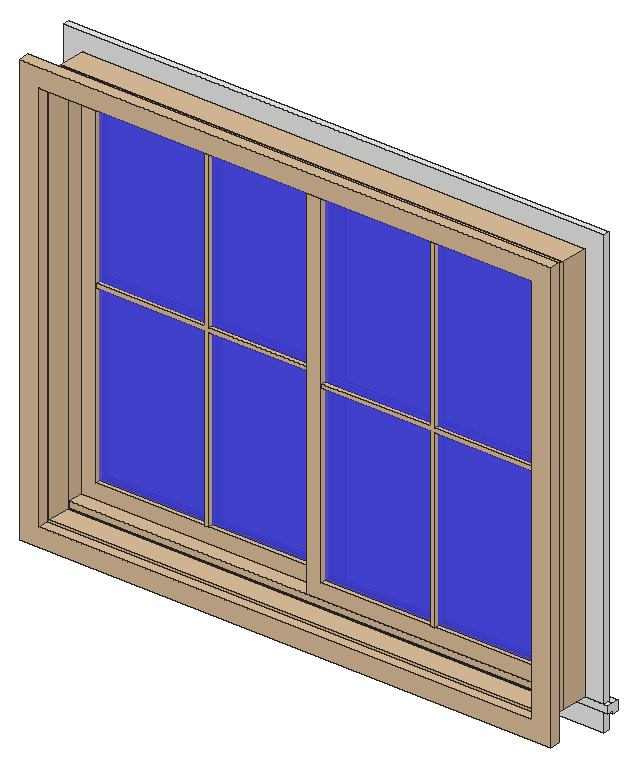
Revit family "60b8ad9f2105459d9419ce555f326140", category Windows, host Wall, Revit 2021
Family settings
  Host = Wall
  OmniClass Number = 23.30.20.17.14
  OmniClass Title = Sliding Windows
  Always vertical = Yes
  Cut with Voids When Loaded = No
  Shared = No
  Room Calculation Point = No
Parameters (values of type "60" x 48"")
  Window Inset [instance] = 0' - 0"
  Wall Thickness [instance] = 0' - 6"
  Visual Light Transmittance = 0.81
  Thermal Resistance (R) = 1.8146 (h·ft²·°F)/BTU
  Solar Heat Gain Coefficient = 0.76
  Muntin Width = 0.5 * (Width - 0' 6 3/4")  # 2' - 2 5/8"
  Muntin Pattern = Muntin Pattern_2x2 : Muntin Pattern_2x2
  Muntin Height = Height - 0' 2 1/2" - 0' 3 1/4"  # 3' - 6 1/4"
  Interior Wall Closure [instance] = 0' - 2 3/4"
  Interior Trim Visibility [instance] = yes
  Interior Trim Material = Wood - Stained
  Indicator Visibility [instance] = yes
  Heat Transfer Coefficient (U) = 0.5511 BTU/(h·ft²·°F)
  Frame Extension [instance] = if(Exterior Trim Visibility, Window Inset + 0' 0 1/4", 0' 0 1/4")  # 0' - 0 1/4"
  Fire Rating = "0.5h"
  Exterior Wall Closure [instance] = 0' - 1 1/4"
  Exterior Trim Visibility [instance] = yes
  Rough Width = Width + 0' 0 1/2"  # 5' - 0 1/2"
  Rough Height = Height + 0' 0 1/2"  # 4' - 0 1/2"
  Muntin Visibility = yes
  Interior Trim = Trim-Window-Interior-Flat : Picture Frame
  Interior Frame Material = Wood - Stained
  Height = 4' - 0"
  Glass Panel Material = Glass
  Exterior Trim Material = Clad - White
  Extension Jamb Visibility [instance] = and(Interior Trim Visibility, Wall Thickness - Window Inset > 0' 3 1/4")  # yes
  Extension Jamb [instance] = if(Wall Thickness - Window Inset > 0' 3 1/4", Wall Thickness - Window Inset - 0' 3 1/4", 0' 1")  # 0' - 2 3/4"
  Exterior Trim = Trim-Window-Exterior-Flat : with Sill
  Exterior Frame Material = Clad - White
  Default Sill Height = 3' - 0"
  Wall Closure = By host
  Width = 5' - 0"
  Assembly Code = "B2020100"
  Analytic Construction = "Double glazing - domestic"
Reference planes (in)
  plane 1 "Center (Front/Back)": y = 0
  plane 2: z = 0
  plane 3 "Center (Left/Right)": x = 0
  plane 4 "Left": x = -30
  plane 5 "Right": x = 30
  plane 6 "Sill": z = 36
  plane 7 "Top": z = 84
  plane 8 "Exterior": y = 2.85
  plane 9 "Interior": y = -3.15
  plane 10 "Inset Face": y = 2.85
  plane 11: y = 3.6
  plane 12: x = -27.5
  plane 13: x = -29.25
  plane 14: y = 1.6
  plane 15 "Sash Face": y = 3.35
  plane 16: x = -28.38889
  plane 17: y = 2.6
  plane 18: y = 2.35
  plane 19: y = 2.1
  plane 20: y = 2.475
  plane 21: x = -0.875
  plane 22: x = 0.875
  plane 23: y = -0.15
  plane 24 "Wall Closure": y = -0.4
  plane 25: x = 28.25
  plane 26: z = 36.75
  plane 27: z = 37.5
  plane 28: z = 39.25
  plane 29: y = 1.1
  plane 30: y = 0.85
  plane 31: y = 0.6
  plane 32: y = 0.35
  plane 33: x = -14.1875
  plane 34: x = 8.1875
  plane 35: y = 0.725
  plane 36 "Jamb": y = -0.4
  plane 37: z = 60.375
  plane 38: z = 81.5
  plane 39: z = 39.25
  plane 40: x = 14.1875
  plane 41: x = 27.5
  plane 42: y = -0.4
  plane 43: y = 1.6
  plane 44: y = 3.6
Forms (in)
  Sweep 1, solid, material "Wood - Stained" <- "Interior Frame Material"
    path origin (0, 3.35, 0) x (-1, 0, 0) y (0, 0, 1)
      loop
        line (30, 36) -> (30, 84) -> (-30, 84) -> (-30, 36)
    profile origin (-30, 3.35, 60) x (1, 0, 0) y (0, 1, 0)
      loop
        line (0, 0.25) -> (0, -3.75) -> (0.75, -3.75) -> (0.75, 0) -> (1.61111, 0) -> (1.61111, 0.25) -> (0, 0.25)
  Sweep 2, solid, material "Wood - Stained" <- "Interior Frame Material"
    path origin (0, 3.35, 0) x (-1, 0, 0) y (0, 0, 1)
      loop
        line (-0.875, 36.75) -> (-0.875, 83.25) -> (29.25, 83.25) -> (29.25, 36.75)
    profile origin (-29.25, 3.35, 60) x (0, 1, 0) y (-1, 0, 0)
      loop
        line (0, 0) -> (-1.75, 0) -> (-1.75, -1.75) -> (0, -1.75) -> (0, 0)
  Sweep 3, solid, material "Wood - Stained" <- "Interior Frame Material"
    path origin (0, 0, 0) x (1, 0, 0) y (0, 0, 1)
      loop
        line (30, 36) -> (-30, 36)
    profile origin (0, 0, 36) x (0, 0, -1) y (0, -1, 0)
      loop
        line (0, -3.6) -> (0, 0.4) -> (-0.75, 0.4) -> (-0.75, 0.15) -> (-1.5, 0.15) -> (-1.5, -1.6) -> (-0.75, -1.6) -> (-0.75, -3.6) -> (0, -3.6)
  Sweep 4, solid, material "Wood - Stained" <- "Interior Frame Material"
    path origin (0, 3.35, 0) x (-1, 0, 0) y (0, 0, 1)
      loop
        line (0.875, 83.25) -> (-29.25, 83.25) -> (-29.25, 37.5) -> (0.875, 37.5) -> (0.875, 83.25)
    profile origin (-0.875, 3.35, 60.375) x (0, 1, 0) y (-1, 0, 0)
      loop
        line (-1.75, -1.75) -> (-1.75, 0) -> (-3.5, 0) -> (-3.5, -1.75) -> (-1.75, -1.75)
  Sweep 5, solid, material "Wood - Stained" <- "Interior Frame Material"
    path origin (-17.29775, 1.6, 48) x (-1, 0, 0) y (0, 0, 1)
      loop
        line (-18.17275, -11.25) -> (11.95225, -11.25)
    profile origin (-14.1875, 1.6, 36.75) x (0, 0, 1) y (0, 1, 0)
      loop
        line (2.5, 0) -> (2.5, 1.75) -> (0, 1.75) -> (0, 0) -> (2.5, 0)
  Extrusion 6, solid, material "Glass" <- "Glass Panel Material"
    sketch origin (0, 0, 36) x (0, -1, 0) y (1, 0, 0)
      loop
        line (-2.85, -27.5) -> (-2.6, -27.5) -> (-2.6, -0.875) -> (-2.85, -0.875) -> (-2.85, -27.5)
      loop
        line (-2.35, -27.5) -> (-2.1, -27.5) -> (-2.1, -0.875) -> (-2.35, -0.875) -> (-2.35, -27.5)
    from 3.25 to 45.5
  Extrusion 7, solid, material "Glass" <- "Glass Panel Material"
    sketch origin (0, -0.15, 36) x (0, -1, 0) y (1, 0, 0)
      loop
        line (-1.25, 0.875) -> (-1, 0.875) -> (-1, 27.5) -> (-1.25, 27.5) -> (-1.25, 0.875)
      loop
        line (-0.75, 0.875) -> (-0.5, 0.875) -> (-0.5, 27.5) -> (-0.75, 27.5) -> (-0.75, 0.875)
    from 3.25 to 45.5
  Sweep 8, solid, material "Wood - Stained" <- "Interior Frame Material", visible <- "Extension Jamb Visibility"
    path origin (0, 0, 0) x (1, 0, 0) y (0, 0, 1)
      loop
        line (-30, 36) -> (30, 36) -> (30, 84) -> (-30, 84) -> (-30, 36)
    profile origin (-30, 0, 60) x (-1, 0, 0) y (0, -1, 0)
      loop
        line (0, 0.4) -> (0, 3.15) -> (-0.75, 3.15) -> (-0.75, 0.4) -> (0, 0.4)
Cuts and joins
  joined: Sweep 2, Sweep 5
  joined: Sweep 1, Sweep 3
Lines and regions (in)
  Opening 1
    outline origin (-60, -3.15, 0) x (1, 0, 0) y (0, 0, 1)
      loop
        line (30, 84) -> (30, 36) -> (90, 36) -> (90, 84) -> (30, 84)
  Split face 1
    outline origin (27.5, -0.15, 81.5) x (0, 1, 0) y (-1, 0, 0)
      loop
        line (1.25, 26.625) -> (1.25, 0)
  Split face 2
    outline origin (-0.875, 1.6, 81.5) x (0, 1, 0) y (-1, 0, 0)
      loop
        line (1.25, 26.625) -> (1.25, 0)
  Split face 3
    outline origin (0.875, -0.15, 81.5) x (0, 0, -1) y (0, 1, 0)
      loop
        line (42.25, 1.25) -> (0, 1.25)
  Split face 4
    outline origin (27.5, -0.15, 39.25) x (0, 0, 1) y (0, 1, 0)
      loop
        line (42.25, 1.25) -> (0, 1.25)
  Split face 5
    outline origin (-0.875, 1.6, 36.75) x (0, 0, 1) y (0, 1, 0)
      loop
        line (44.75, 1.25) -> (2.5, 1.25)
  Split face 6
    outline origin (-27.5, 1.6, 81.5) x (0, 0, -1) y (0, 1, 0)
      loop
        line (42.25, 1.25) -> (0, 1.25)
  Split face 7
    outline origin (0.875, -0.15, 39.25) x (1, 0, 0) y (0, 1, 0)
      loop
        line (26.625, 1.25) -> (0, 1.25)
  Split face 8
    outline origin (0.875, 3.35, 39.25) x (-1, 0, 0) y (0, -1, 0)
      loop
        line (1.75, 0.5) -> (28.375, 0.5)
  Split face 9
    outline origin (18, -1.65, 84) x (0, 0, -1) y (0, 1, 0)
  Split face 10
    outline origin (30, -0.4, 36) x (0, 1, 0) y (-1, 0, 0)
      loop
        line (3.25, 0) -> (3.25, 60)
  Split face 11
    outline origin (-30, -0.4, 36) x (0, 0, 1) y (0, 1, 0)
  Split face 12
    outline origin (-29.25, 3.35, 83.25) x (0, -1, 0) y (1, 0, 0)
      loop
        line (0, 30.125) -> (1.75, 30.125) -> (1.75, 58.5)
  Split face 13
    outline origin (29.25, 3.35, 83.25) x (0, 0, -1) y (0, -1, 0)
      loop
        line (45.75, 1.75) -> (0, 1.75)
Text (in)
  text "EXTERIOR" at (-58.6888, 50.90694, 0), in view "Ref. Level"
  text "INTERIOR" at (-58.6888, -37.76638, 0), in view "Ref. Level"
  text "Exterior" at (0, 43.65631, 123.19604), in view "Left"
  text "Exterior" at (0, 18.29385, 125.04747), in view "Right"
Dimensions and locks (in)
  equal spacing: plane 4 "Left", plane 3 "Center (Left/Right)", plane 5 "Right"
  "Width": plane 4 "Left" to plane 5 "Right"
  "Height": plane 6 "Sill" to plane 7 "Top"
  "Default Sill Height": plane 2 to plane 6 "Sill"
  "Window Inset": plane 8 "Exterior" to plane 10 "Inset Face"
  locked: plane 11 to plane 8 "Exterior" at 0.75
  locked: plane 4 "Left" to plane 13 at 0.75
  locked: plane 13 to plane 12 at 1.75
  locked: plane 4 "Left" to plane 16 at 1.61111
  locked: plane 15 "Sash Face" to plane 10 "Inset Face" at 0.5
  locked: plane 10 "Inset Face" to plane 17 at 0.25
  locked: plane 17 to plane 18 at 0.25
  locked: plane 18 to plane 19 at 0.25
  equal spacing: plane 17, plane 20, plane 18
  locked: plane 21 to plane 22 at 1.75
  equal spacing: plane 21, plane 3 "Center (Left/Right)", plane 22
  locked: plane 25 to plane 5 "Right" at 1.75
  locked: plane 26 to plane 6 "Sill" at 0.75
  locked: plane 27 to plane 26 at 0.75
  locked: plane 28 to plane 27 at 1.75
  equal spacing: plane 12, plane 33, plane 21
  plane 22 to plane 34 to Sweep 4 = 0' - 7 5/16", 1' - 7 5/16"
  equal spacing: plane 30, plane 35, plane 31
  "Extension Jamb": plane 36 "Jamb" to plane 9 "Interior"
  "Wall Thickness": host wall to host wall
  locked: plane 7 "Top" to plane 38 at 2.5
  locked: plane 39 to plane 6 "Sill" at 3.25
  equal spacing: plane 38, plane 37, plane 39
  locked: plane 41 to plane 5 "Right" at 2.5
  equal spacing: plane 41, plane 40, plane 22
  "Interior Wall Closure": plane 42 to plane 9 "Interior"
  "Exterior Wall Closure": plane 8 "Exterior" to plane 43
  locked: plane 32 to plane 23 at 0.5
  locked: plane 29 to plane 30 at 0.25
  locked: plane 31 to plane 32 at 0.25
  locked: plane 30 to plane 31 at 0.25
  locked: plane 23 to plane 36 "Jamb" at 0.25
  locked: plane 14 to plane 29 at 0.5
  "Frame Extension": plane 44 to plane 15 "Sash Face"
  aligned and locked: plane 7 "Top" to Opening 1 sketch curve
  aligned and locked: plane 6 "Sill" to Opening 1 sketch curve  (x2)
  aligned and locked: plane 5 "Right" to Opening 1 sketch curve
  aligned and locked: plane 4 "Left" to Opening 1 sketch curve
  aligned and locked: level to plane 2
  aligned and locked: host wall to plane 8 "Exterior"
  aligned and locked: plane 9 "Interior" to host wall
  aligned and locked: Sweep 1 sketch curve to plane 4 "Left"
  aligned and locked: plane 4 "Left" to Sweep 1 sketch curve
  aligned and locked: plane 16 to Sweep 1 sketch curve
  aligned and locked: plane 15 "Sash Face" to Sweep 1 sketch curve
  aligned and locked: plane 13 to Sweep 1 sketch curve
  aligned and locked: Sweep 2 sketch curve to plane 13  (x2)
  aligned and locked: Sweep 2 sketch curve to plane 22
  aligned and locked: plane 15 "Sash Face" to Sweep 2 sketch curve
  aligned and locked: Sweep 2 sketch curve to plane 12
  aligned and locked: Sweep 3 sketch curve to plane 6 "Sill"  (x2)
  aligned and locked: Sweep 3 sketch curve to plane 26  (x2)
  aligned and locked: Sweep 3 sketch curve to plane 27
  aligned and locked: Sweep 4 sketch curve to plane 21  (x2)
  aligned and locked: Sweep 4 sketch curve to plane 22
  aligned and locked: Sweep 4 sketch curve to plane 23
  aligned and locked: plane 26 to Sweep 5 sketch curve  (x2)
  aligned and locked: plane 28 to Sweep 5 sketch curve
  aligned and locked: plane 15 "Sash Face" to Sweep 5 sketch curve
  aligned and locked: plane 27 to Sweep 4 sketch curve
  aligned and locked: plane 10 "Inset Face" to Extrusion 6 sketch curve
  aligned and locked: Extrusion 6 sketch curve to plane 12  (x2)
  aligned and locked: Extrusion 6 sketch curve to plane 17
  aligned and locked: Extrusion 6 sketch curve to plane 18
  aligned and locked: Extrusion 6 sketch curve to plane 19
  aligned and locked: plane 21 to Extrusion 6  (x2)
  aligned and locked: plane 29 to Extrusion 7 sketch curve
  aligned and locked: Extrusion 7 sketch curve to plane 22  (x2)
  aligned and locked: Extrusion 7 sketch curve to plane 30
  aligned and locked: plane 31 to Extrusion 7 sketch curve
  aligned and locked: Extrusion 7 sketch curve to plane 32
  aligned and locked: Extrusion 7 to Sweep 4  (x5)
  aligned and locked: Sweep 4 to Extrusion 6
  aligned and locked: Sweep 8 sketch curve to plane 4 "Left"  (x2)
  aligned and locked: Sweep 8 sketch curve to plane 7 "Top"
  aligned and locked: Sweep 8 sketch curve to plane 5 "Right"
  aligned and locked: Sweep 8 sketch curve to plane 6 "Sill"
  aligned and locked: Sweep 8 sketch curve to plane 13
  aligned and locked: plane 9 "Interior" to Sweep 8 sketch curve
  aligned and locked: Sweep 8 sketch curve to plane 36 "Jamb"
  aligned and locked: Split face 1 sketch curve to Extrusion 7
  aligned and locked: Split face 2 sketch curve to Extrusion 6
  aligned and locked: Split face 3 sketch curve to Extrusion 7
  aligned and locked: Split face 4 sketch curve to Extrusion 7
  aligned and locked: Split face 5 sketch curve to Extrusion 6
  aligned and locked: Split face 6 sketch curve to Extrusion 6
  aligned and locked: Split face 7 sketch curve to Extrusion 7
  aligned and locked: Split face 8 sketch curve to Extrusion 6
  aligned and locked: Extrusion 6 to Extrusion 6  (x2)
  aligned and locked: Sweep 1 sketch curve to plane 5 "Right"
  aligned and locked: Sweep 1 sketch curve to plane 7 "Top"
  aligned and locked: Sweep 2 sketch curve to Sweep 8
  aligned and locked: Sweep 4 sketch curve to Sweep 1
  aligned and locked: Extrusion 6 to Sweep 4
  aligned and locked: Split face 12 sketch curve to plane 22
  aligned and locked: nested 2 to plane 4 "Left"
  aligned and locked: plane 3 "Center (Left/Right)" to nested 2
  aligned and locked: plane 9 "Interior" to nested 2
  aligned and locked: nested 2 to plane 7 "Top"
  aligned and locked: nested 1 to plane 37
  aligned and locked: nested 1 to plane 40
  aligned and locked: plane 39 to nested 3
  aligned and locked: plane 39 to nested 4
  aligned and locked: nested 3 to plane 35
  aligned and locked: plane 41 to nested 3
  aligned and locked: plane 22 to nested 3
  aligned and locked: plane 21 to nested 4
  aligned and locked: plane 12 to nested 4
  aligned and locked: plane 38 to nested 4
  aligned and locked: plane 38 to nested 3
  aligned and locked: plane 7 "Top" to nested 6
  aligned and locked: plane 3 "Center (Left/Right)" to nested 6
  aligned and locked: plane 7 "Top" to nested 5
  aligned and locked: nested 5 to plane 3 "Center (Left/Right)"
  aligned and locked: nested 4 to plane 20
  aligned and locked: Sweep 1 sketch curve to plane 36 "Jamb"
  aligned and locked: plane 36 "Jamb" to Sweep 3 sketch curve
  aligned and locked: Sweep 4 sketch curve to plane 14
  aligned and locked: Sweep 2 sketch curve to plane 14
  aligned and locked: plane 14 to Sweep 5 sketch curve
  aligned and locked: plane 22 to Sweep 5 sketch curve
  aligned and locked: plane 13 to Sweep 5 sketch curve
  aligned and locked: plane 23 to Sweep 3 sketch curve
  aligned and locked: plane 14 to Sweep 3 sketch curve
  aligned and locked: plane 14 to Split face 13 sketch curve
  aligned and locked: Sweep 1 sketch curve to plane 44
  aligned and locked: Sweep 3 sketch curve to plane 44
Automatic sketch dimensions
  Sweep 3 sketch curve to plane 4 "Left" = 0' - 0"
  Sweep 3 sketch curve to plane 5 "Right" = 0' - 0"
  plane 12 to Extrusion 6 sketch curve = 2' - 2 5/8"
  Extrusion 6 sketch curve to Extrusion 6 sketch curve = 0' - 0"
  Extrusion 7 sketch curve to Extrusion 7 sketch curve = 2' - 2 5/8"
  Extrusion 7 sketch curve to Extrusion 7 sketch curve = 0' - 0"
  Split face 1 sketch curve to Sweep 4 = 0' - 0"  (x2)
  Split face 2 sketch curve to cut or joined group of Sweep 2, Sweep 5 = 0' - 0"  (x2)
  Sweep 4 to Split face 3 sketch curve = 0' - 0"
  Split face 3 sketch curve to Sweep 4 = 0' - 0"
  Split face 4 sketch curve to Sweep 4 = 0' - 0"
  Sweep 4 to Split face 4 sketch curve = 0' - 0"
  Split face 5 sketch curve to cut or joined group of Sweep 2, Sweep 5 = 0' - 0"
  cut or joined group of Sweep 2, Sweep 5 to Split face 5 sketch curve = 0' - 0"
  cut or joined group of Sweep 2, Sweep 5 to Split face 6 sketch curve = 0' - 0"
  Split face 6 sketch curve to cut or joined group of Sweep 2, Sweep 5 = 0' - 0"
  Split face 7 sketch curve to Sweep 4 = 0' - 0"  (x2)
  Split face 8 sketch curve to cut or joined group of Sweep 2, Sweep 5 = 0' - 0"  (x2)
  Split face 10 sketch curve to Sweep 3 = 0' - 0"  (x2)
  Split face 10 sketch curve to Sweep 3 = 0' - 0 3/4"
  Sweep 1 sketch curve to plane 6 "Sill" = 0' - 0"  (x2)
  Sweep 2 sketch curve to plane 26 = 0' - 0"  (x2)
  plane 5 "Right" to Sweep 4 sketch curve = 0' - 0 3/4"
  cut or joined group of Sweep 1, Sweep 3 to Split face 12 sketch curve = 0' - 0"
  Split face 12 sketch curve to cut or joined group of Sweep 1, Sweep 3 = 0' - 0"
  cut or joined group of Sweep 1, Sweep 3 to Split face 12 sketch curve = 0' - 1 3/4"
  cut or joined group of Sweep 1, Sweep 3 to Split face 13 sketch curve = 0' - 0"
  Split face 13 sketch curve to cut or joined group of Sweep 1, Sweep 3 = 0' - 0"
Nested families (in)
  nested 1: "Filled Arrow" at (14.1875, 0, 60.375) x (-1, 0, 0) z (0, 1, 0), visible <- "Indicator Visibility", type "Filled Arrow"
  nested 2: "Plan-Double-Sliding" at (0, 2.50625, 36), Window Inset <- "Window Inset", Width <- "Width", Height <- "Height", Wall Thickness <- "Wall Thickness", type "Plan-Double-Sliding"
    with Window Inset of 3D 0' - 0", Window Inset 0' - 0", Width 5' - 0", Wall Thickness 0' - 6", Height 4' - 0"
  nested 3: "Muntin Pattern_2x2" at (14.1875, 0.725, 39.25), visible <- "Muntin Visibility", Exterior Material <- "Exterior Frame Material", Interior Material <- "Interior Frame Material", type <- "Muntin Pattern", type "Muntin Pattern_2x2"
    with Width 2' - 2 5/8", Interior Material Wood - Stained, Height 3' - 6 1/4", Exterior Material Clad - White
  nested 4: "Muntin Pattern_2x2" at (-14.1875, 2.475, 39.25), visible <- "Muntin Visibility", Exterior Material <- "Exterior Frame Material", Interior Material <- "Interior Frame Material", type <- "Muntin Pattern", type "Muntin Pattern_2x2"
    with Width 2' - 2 5/8", Interior Material Wood - Stained, Height 3' - 6 1/4", Exterior Material Clad - White
  nested 5: "Trim-Window-Exterior-Flat" at (0, 2.85, 84) x (-1, 0, 0) z (0, 1, 0), visible <- "Exterior Trim Visibility", Trim Material <- "Exterior Trim Material", Opening Width <- "Width", Opening Height <- "Height", type <- "Exterior Trim", type "with Sill"
    with Trim Material Clad - White, Opening Width 5' - 0", Opening Height 4' - 0"
  nested 6: "Trim-Window-Interior-Flat" at (0, -3.15, 84) x (1, 0, 0) z (0, -1, 0), visible <- "Interior Trim Visibility", Trim Material <- "Interior Trim Material", Opening Width <- "Width", Opening Height <- "Height", type <- "Interior Trim", type "Picture Frame"
    with Trim Material Wood - Stained, Opening Width 5' - 0", Opening Height 4' - 0"
Definition of nested family "Muntin Pattern_2x2"
  Parameters (values of type "Muntin Pattern_2x2")
    Width [instance] = 4' - 0"
    Thickness = 0' - 0 1/2"
    Height [instance] = 4' - 0"
    Interior Material [instance] = none
    Exterior Material [instance] = none
    Distance = 0' - 0 3/4"
    Default Elevation = 0' - 0"
  Reference planes (in)
    plane 1 "Center (Front/Back)": y = 0
    plane 2: z = 0
    plane 3 "Center (Left/Right)": x = 0
    plane 4: z = 48
    plane 5: x = -24
    plane 6: x = 24
    plane 7: z = 24
    plane 8: y = 0.375
    plane 9: y = 0.875
    plane 10: y = -0.375
    plane 11: y = -0.875
  Forms (in)
    Extrusion 1, solid, material <- "Interior Material", detail levels fine
      sketch origin (0, 0, 0) x (1, 0, 0) y (0, 0, 1)
        loop
          line (-24, 24.25) -> (-24, 23.75) -> (-0.25, 23.75) -> (-0.25, 0) -> (0.25, 0) -> (0.25, 23.75) -> (24, 23.75) -> (24, 24.25) -> (0.25, 24.25) -> (0.25, 48) -> (-0.25, 48) -> (-0.25, 24.25) -> (-24, 24.25)
      from 0.375 to 0.875
    Extrusion 2, solid, material <- "Exterior Material", detail levels fine
      sketch origin (0, 0, 0) x (1, 0, 0) y (0, 0, -1)
        loop
          line (-24, -24.25) -> (-0.25, -24.25) -> (-0.25, -48) -> (0.25, -48) -> (0.25, -24.25) -> (24, -24.25) -> (24, -23.75) -> (0.25, -23.75) -> (0.25, 0) -> (-0.25, 0) -> (-0.25, -23.75) -> (-24, -23.75) -> (-24, -24.25)
      from 0.375 to 0.875
  Lines and regions (in)
    model lines, detail levels medium
      curve 1: line (0, 0.375, 48) -> (0, 0.375, 0)
      curve 2: line (-24, -0.375, 24) -> (24, -0.375, 24)
      curve 3: line (-24, 0.375, 24) -> (24, 0.375, 24)
      curve 4: line (0, -0.375, 48) -> (0, -0.375, 0)
  Dimensions and locks (in)
    equal spacing: plane 6, plane 3 "Center (Left/Right)", plane 5
    "Width": plane 6 to plane 5
    "Height": plane 4 to plane 2
    equal spacing: plane 4, plane 7, plane 2
    locked: plane 3 "Center (Left/Right)" to Extrusion 1 sketch curve at 0.25  (x4)
    locked: Extrusion 1 sketch curve to plane 7 at 0.25  (x2)
    locked: plane 7 to Extrusion 1 sketch curve at 0.25  (x2)
    "Thickness": plane 9 to plane 8
    "Thickness": plane 10 to plane 11
    "Distance": plane 8 to plane 10
    equal spacing: plane 8, plane 1 "Center (Front/Back)", plane 10
    aligned and locked: plane 2 to level
    aligned and locked: plane 4 to curve 1
    aligned and locked: plane 5 to curve 2
    aligned and locked: plane 2 to curve 1
    aligned and locked: plane 6 to curve 2
    aligned and locked: Extrusion 1 sketch curve to plane 4
    aligned and locked: Extrusion 1 sketch curve to plane 6
    aligned and locked: Extrusion 1 sketch curve to plane 5
    aligned and locked: Extrusion 1 sketch curve to level
    aligned and locked: Extrusion 1 to plane 11
    aligned and locked: plane 10 to Extrusion 1
    aligned and locked: Extrusion 2 to plane 5
    aligned and locked: plane 6 to Extrusion 2
    aligned and locked: Extrusion 2 to plane 8
    aligned and locked: plane 9 to Extrusion 2
    aligned and locked: Extrusion 2 to plane 2
    aligned and locked: plane 4 to Extrusion 2
    aligned and locked: plane 5 to curve 3
    aligned and locked: plane 6 to curve 3
    aligned and locked: plane 4 to curve 4
    aligned and locked: plane 2 to curve 4
    aligned and locked: plane 8 to curve 3
  Automatic sketch dimensions
    curve 2 to plane 7 = 0' - 0"
    Extrusion 2 sketch curve to plane 5 = 0' - 0"
    Extrusion 2 sketch curve to level = 0' - 0"
    Extrusion 2 sketch curve to plane 4 = 0' - 0"
    Extrusion 2 sketch curve to plane 6 = 0' - 0"
    Extrusion 2 sketch curve to plane 3 "Center (Left/Right)" = 0' - 0 1/4"  (x2)
    plane 3 "Center (Left/Right)" to Extrusion 2 sketch curve = 0' - 0 1/4"  (x2)
    plane 7 to Extrusion 2 sketch curve = 0' - 0 1/4"  (x2)
    Extrusion 2 sketch curve to plane 7 = 0' - 0 1/4"  (x2)
    curve 4 to plane 3 "Center (Left/Right)" = 0' - 0"
    curve 4 to level = 0' - 0"
    curve 4 to plane 4 = 0' - 0"
    curve 3 to plane 6 = 0' - 0"
    curve 1 to plane 3 "Center (Left/Right)" = 0' - 0"
    curve 3 to plane 5 = 0' - 0"
    curve 3 to plane 7 = 0' - 0"
Definition of nested family "Trim-Window-Exterior-Flat"
  Parameters (values of type "with Sill")
    Trim Width = 0' - 2 1/4"
    Trim Thickness_Picture Frame = 0' - 1 1/4"
    Trim Thickness_with Sill = 0' - 0 3/4"
    Trim Material [instance] = none
    Sill Thickness = 0' - 1 1/4"
    Sill = yes
    Picture Frame = no
    Opening Width [instance] = 2' - 0"
    Opening Height [instance] = 3' - 0"
    Default Elevation = 4' - 0"
  Types (2): name | Sill | Picture Frame
    with Sill | yes | no
    Picture Frame | no | yes
  Reference planes (in)
    plane 1 "Center (Front/Back)": y = 0
    plane 2: z = 0
    plane 3 "Center (Left/Right)": x = 0
    plane 4: y = 2.25
    plane 5 "Left": x = -12
    plane 6 "Right": x = 12
    plane 7 "Bottom": y = -36
    plane 8: y = -37.25
    plane 9: y = -39.12332
    plane 10: x = 14.25
    plane 11: x = -14.25
    plane 12: z = 0.75
    plane 13: z = 1.25
    plane 14: x = 14.75
    plane 15: x = -14.75
    plane 16: y = -36.87332
    plane 17: y = -38.25
    plane 18: z = 0.5
    plane 19: y = -18
    plane 20: z = 1.5
  Forms (in)
    Extrusion 1, solid
      sketch origin (0, 0, 0) x (1, 0, 0) y (0, 1, 0)
        loop
          line (-14.25, 2.25) -> (-14.25, -39.12332) -> (14.25, -39.12332) -> (14.25, 2.25) -> (-14.25, 2.25)
      from 0 to -12
    Extrusion 2, solid, material <- "Trim Material", visible <- "Sill"
      sketch origin (0, 0, 0) x (1, 0, 0) y (0, 1, 0)
        loop
          line (-14.25, -36) -> (-12, -36) -> (-12, 0) -> (12, 0) -> (12, -36) -> (14.25, -36) -> (14.25, 2.25) -> (-14.25, 2.25) -> (-14.25, -36)
      from 0 to 0.75
    Extrusion 3, solid, material <- "Trim Material", visible <- "Sill"
      sketch origin (0, 0, 0) x (0, 1, 0) y (0, 0, 1)
        loop
          line (-36.09677, 1.5) -> (-37.25, 1.5) -> (-37.25, 0.75) -> (-36.87332, 0.75) -> (-36.87332, 0) -> (-36, 0) -> (-36, 0.75) -> (-36.09677, 1.5)
      from -14.75 to 14.75
    Extrusion 4, solid, material <- "Trim Material", visible <- "Sill"
      sketch origin (0, 0, 0) x (1, 0, 0) y (0, 1, 0)
        loop
          line (-14.25, -36.87332) -> (-14.25, -39.12332) -> (14.25, -39.12332) -> (14.25, -36.87332) -> (-14.25, -36.87332)
      from 0 to 0.75
    Extrusion 5, solid, material <- "Trim Material", visible <- "Picture Frame"
      sketch origin (0, 0, 0) x (1, 0, 0) y (0, 1, 0)
        loop
          line (-12, 0) -> (-12, -36) -> (12, -36) -> (12, 0) -> (-12, 0)
        loop
          line (-14.25, 2.25) -> (-14.25, -38.25) -> (14.25, -38.25) -> (14.25, 2.25) -> (-14.25, 2.25)
      from 0 to 1.25
  Dimensions and locks (in)
    equal spacing: plane 5 "Left", plane 3 "Center (Left/Right)", plane 6 "Right"
    "Opening Width": plane 5 "Left" to plane 6 "Right"
    "Opening Height": plane 7 "Bottom" to plane 1 "Center (Front/Back)"
    "Sill Thickness": plane 7 "Bottom" to plane 8
    "Trim Width": plane 11 to plane 5 "Left"
    "Trim Width": plane 6 "Right" to plane 10
    "Trim Width": plane 1 "Center (Front/Back)" to plane 4
    locked: plane 15 to plane 11 at 0.5
    locked: plane 10 to plane 14 at 0.5
    locked: plane 16 to plane 8 at 0.37668
    "Trim Width": plane 9 to plane 16
    "Trim Width": plane 17 to plane 7 "Bottom"
    locked: plane 18 to plane 2 at 0.5
    equal spacing: plane 7 "Bottom", plane 19, plane 1 "Center (Front/Back)"
    locked: plane 20 to plane 12 at 0.75
    "Trim Thickness_with Sill": plane 12 to plane 2
    "Trim Thickness_Picture Frame": plane 13 to plane 2
    aligned and locked: plane 2 to Extrusion 1
    aligned and locked: level to Extrusion 1
    aligned and locked: Extrusion 2 sketch curve to plane 5 "Left"
    aligned and locked: Extrusion 2 sketch curve to plane 11
    aligned and locked: plane 7 "Bottom" to Extrusion 2 sketch curve  (x2)
    aligned and locked: plane 1 "Center (Front/Back)" to Extrusion 2 sketch curve
    aligned and locked: plane 10 to Extrusion 2 sketch curve
    aligned and locked: Extrusion 2 sketch curve to plane 6 "Right"
    aligned and locked: plane 12 to Extrusion 2
    aligned and locked: Extrusion 3 sketch curve to level
    aligned and locked: plane 7 "Bottom" to Extrusion 3 sketch curve
    aligned and locked: Extrusion 3 sketch curve to plane 8
    aligned and locked: plane 15 to Extrusion 3
    aligned and locked: Extrusion 3 to plane 14
    aligned and locked: plane 10 to Extrusion 4 sketch curve
    aligned and locked: Extrusion 4 sketch curve to plane 11
    aligned and locked: plane 16 to Extrusion 4 sketch curve
    aligned and locked: plane 9 to Extrusion 4 sketch curve
    aligned and locked: Extrusion 4 to Extrusion 2
    aligned and locked: Extrusion 2 sketch curve to plane 4
    aligned and locked: plane 1 "Center (Front/Back)" to Extrusion 5 sketch curve
    aligned and locked: Extrusion 5 sketch curve to plane 4
    aligned and locked: Extrusion 5 sketch curve to plane 17
    aligned and locked: plane 7 "Bottom" to Extrusion 5 sketch curve
    aligned and locked: Extrusion 5 sketch curve to plane 6 "Right"
    aligned and locked: plane 10 to Extrusion 5 sketch curve
    aligned and locked: Extrusion 5 sketch curve to plane 5 "Left"
    aligned and locked: Extrusion 5 sketch curve to plane 11
    aligned and locked: plane 13 to Extrusion 5
    aligned and locked: plane 20 to Extrusion 3
  Automatic sketch dimensions
    Extrusion 1 sketch curve to Extrusion 1 sketch curve = 2' - 4 1/2"
    Extrusion 1 sketch curve to Extrusion 1 sketch curve = 3' - 5.37332"
    Extrusion 3 sketch curve to plane 16 = 0' - 0"
    Extrusion 3 sketch curve to plane 12 = 0' - 0"  (x2)
    Extrusion 3 sketch curve to plane 7 "Bottom" = 0' - 0.09677"
    plane 13 to Extrusion 3 sketch curve = 0' - 0 1/4"
Definition of nested family "Trim-Window-Interior-Flat"
  Parameters (values of type "with Sill")
    Trim Thickness_Picture Frame = 0' - 1 1/4"
    Trim Width = 0' - 2 1/4"
    Trim Thickness_with Sill = 0' - 0 3/4"
    Trim Material [instance] = none
    Sill Thickness = 0' - 1 1/4"
    Sill = yes
    Picture Frame = no
    Opening Width [instance] = 2' - 0"
    Opening Height [instance] = 3' - 0"
    Default Elevation = 4' - 0"
  Types (2): name | Sill | Picture Frame
    with Sill | yes | no
    Picture Frame | no | yes
  Reference planes (in)
    plane 1 "Center (Front/Back)": y = 0
    plane 2: z = 0
    plane 3 "Center (Left/Right)": x = 0
    plane 4: y = 1.75
    plane 5 "Left": x = -12
    plane 6 "Right": x = 12
    plane 7 "Bottom": y = -36
    plane 8: y = -37.25
    plane 9: y = -39.12332
    plane 10: x = 13.75
    plane 11: x = -13.75
    plane 12: z = 0.75
    plane 13: z = 1.25
    plane 14: x = 14.25
    plane 15: x = -14.25
    plane 16: y = -36.87332
    plane 17: y = -37.75
    plane 18: z = 0.5
    plane 19: x = -11.5
    plane 20: y = -0.5
    plane 21: x = 11.5
    plane 22: y = -35.5
    plane 23: x = -13.25
    plane 24: x = 13.25
    plane 25: y = -18
  Forms (in)
    Extrusion 1, solid
      sketch origin (0, 0, 0) x (1, 0, 0) y (0, 1, 0)
        loop
          line (-13.75, 1.75) -> (-13.75, -37.75) -> (13.75, -37.75) -> (13.75, 1.75) -> (-13.75, 1.75)
      from 0 to -12
    Extrusion 2, solid, material <- "Trim Material", visible <- "Sill"
      sketch origin (0, 0, 0) x (1, 0, 0) y (0, 1, 0)
        loop
          line (-13.25, -36) -> (-11.5, -36) -> (-11.5, 0) -> (11.5, 0) -> (11.5, -36) -> (13.25, -36) -> (13.25, 1.75) -> (-13.25, 1.75) -> (-13.25, -36)
      from 0 to 0.75
    Extrusion 3, solid, material <- "Trim Material", visible <- "Sill"
      sketch origin (0, 0, 0) x (0, 1, 0) y (0, 0, 1)
        loop
          line (-36.5, 1.5) -> (-36.87332, 1.5) -> (-36.87332, 0) -> (-36, 0) -> (-36, 1)
          arc (-36, 1) -> (-36.14645, 1.35355) -> (-36.5, 1.5) r 0.5
      from -13.75 to 13.75
    Extrusion 4, solid, material <- "Trim Material", visible <- "Sill"
      sketch origin (0, 0, 0) x (1, 0, 0) y (0, 1, 0)
        loop
          line (-13.25, -36.87332) -> (-13.25, -39.12332) -> (13.25, -39.12332) -> (13.25, -36.87332) -> (-13.25, -36.87332)
      from 0 to 0.75
    Extrusion 5, solid, material <- "Trim Material", visible <- "Picture Frame"
      sketch origin (0, 0, 0) x (1, 0, 0) y (0, 1, 0)
        loop
          line (-11.5, -0.5) -> (-11.5, -35.5) -> (11.5, -35.5) -> (11.5, -0.5) -> (-11.5, -0.5)
        loop
          line (-13.75, 1.75) -> (-13.75, -37.75) -> (13.75, -37.75) -> (13.75, 1.75) -> (-13.75, 1.75)
      from 0 to 1.25
  Dimensions and locks (in)
    equal spacing: plane 5 "Left", plane 3 "Center (Left/Right)", plane 6 "Right"
    "Opening Width": plane 5 "Left" to plane 6 "Right"
    "Opening Height": plane 7 "Bottom" to plane 1 "Center (Front/Back)"
    "Sill Thickness": plane 7 "Bottom" to plane 8
    "Trim Width": plane 11 to plane 19
    "Trim Width": plane 21 to plane 10
    "Trim Width": plane 20 to plane 4
    "Trim Thickness_with Sill": plane 12 to plane 2
    locked: plane 15 to plane 11 at 0.5
    locked: plane 10 to plane 14 at 0.5
    locked: plane 16 to plane 8 at 0.37668
    "Trim Width": plane 9 to plane 16
    "Trim Width": plane 17 to plane 22
    plane 20 to plane 1 "Center (Front/Back)" = 0' - 0 1/2"
    plane 5 "Left" to plane 19 = 0' - 0 1/2"
    plane 21 to plane 6 "Right" = 0' - 0 1/2"
    plane 22 to plane 7 "Bottom" = 0' - 0 1/2"
    locked: plane 11 to plane 23 at 0.5
    locked: plane 24 to plane 10 at 0.5
    equal spacing: plane 7 "Bottom", plane 25, plane 1 "Center (Front/Back)"
    "Trim Thickness_Picture Frame": plane 13 to plane 2
    locked: Extrusion 3 to plane 12 at 0.75
    locked: plane 12 to Extrusion 3 sketch curve at 0.75
    radius of Extrusion 3 sketch curve = 0' - 0 1/2"
    aligned and locked: plane 2 to Extrusion 1
    aligned and locked: level to Extrusion 1
    aligned and locked: plane 7 "Bottom" to Extrusion 2 sketch curve  (x2)
    aligned and locked: plane 1 "Center (Front/Back)" to Extrusion 2 sketch curve
    aligned and locked: plane 12 to Extrusion 2
    aligned and locked: Extrusion 3 sketch curve to level
    aligned and locked: plane 7 "Bottom" to Extrusion 3 sketch curve
    aligned and locked: plane 16 to Extrusion 4 sketch curve
    aligned and locked: plane 9 to Extrusion 4 sketch curve
    aligned and locked: Extrusion 2 sketch curve to plane 4
    aligned and locked: Extrusion 5 sketch curve to plane 4
    aligned and locked: Extrusion 5 sketch curve to plane 17
    aligned and locked: plane 10 to Extrusion 5 sketch curve
    aligned and locked: Extrusion 5 sketch curve to plane 11
    aligned and locked: plane 13 to Extrusion 5
    aligned and locked: Extrusion 5 sketch curve to plane 20
    aligned and locked: Extrusion 5 sketch curve to plane 19
    aligned and locked: Extrusion 5 sketch curve to plane 21
    aligned and locked: plane 22 to Extrusion 5 sketch curve
    aligned and locked: Extrusion 4 to plane 24
    aligned and locked: plane 11 to Extrusion 3
    aligned and locked: Extrusion 3 to plane 10
    aligned and locked: Extrusion 2 sketch curve to plane 21
    aligned and locked: Extrusion 2 sketch curve to plane 24
    aligned and locked: Extrusion 2 sketch curve to plane 19
    aligned and locked: Extrusion 2 sketch curve to plane 23
    aligned and locked: plane 12 to Extrusion 4
  Automatic sketch dimensions
    Extrusion 1 sketch curve to Extrusion 1 sketch curve = 2' - 3 1/2"
    Extrusion 1 sketch curve to Extrusion 1 sketch curve = 3' - 3 1/2"
    Extrusion 3 sketch curve to plane 16 = 0' - 0"
    Extrusion 4 sketch curve to plane 11 = 0' - 0 1/2"
    Extrusion 4 sketch curve to plane 24 = 0' - 0"
Definition of nested family "Filled Arrow"
  Parameters (values of type "Filled Arrow")
    D3 = 0' - 0"
    D2 = D1 / 6  # 0' - 1.33333"
    D1 = 0' - 8"
  Reference planes (in)
    plane 1 "Center (Front/Back)": y = 0
    plane 2: z = 0
    plane 3 "Center (Left/Right)": x = 0
    plane 4: y = 0.66667
    plane 5: y = -0.66667
    plane 6: x = -4
    plane 7: x = 4
    plane 8: through (8.02606, -2.81908, 48) normal (-0.5736, -0.8192, 0)
    plane 9: through (8.02606, 2.81908, 48) normal (0.5736, -0.8192, 0)
    plane 10: x = 1.33333
  Lines and regions (in)
    Filled region 1, type "Concrete Block", in view "Ref. Level"
      outline origin (0, 0, 0) x (1, 0, 0) y (0, 1, 0)
        loop
          line (-4, 0.66667) -> (-4, -0.66667) -> (1.33333, -0.66667) -> (1.33333, -1.86722) -> (4, 0) -> (1.33333, 1.86722) -> (1.33333, 0.66667) -> (-4, 0.66667)
    detail lines, in view "Ref. Level"
      curve 1: line (-4, 0.66667, 0) -> (1.33333, 0.66667, 0)
      curve 2: line (-4, 0.66667, 0) -> (-4, -0.66667, 0)
      curve 3: line (-4, -0.66667, 0) -> (1.33333, -0.66667, 0)
      curve 4: line (4, 0, 0) -> (1.33333, -1.86722, 0)
      curve 5: line (4, 0, 0) -> (1.33333, 1.86722, 0)
      curve 6: line (1.33333, -0.66667, 0) -> (1.33333, -1.86722, 0)
      curve 7: line (1.33333, 1.86722, 0) -> (1.33333, 0.66667, 0)
  Dimensions and locks (in)
    equal spacing: plane 6, plane 3 "Center (Left/Right)", plane 7
    "D1": plane 6 to plane 7
    equal spacing: plane 4, plane 1 "Center (Front/Back)", plane 5
    "D2": plane 4 to plane 5
    "D2": plane 3 "Center (Left/Right)" to plane 10
    locked: plane 8 to plane 1 "Center (Front/Back)" (angle 35.00°)
    locked: plane 1 "Center (Front/Back)" to plane 9 (angle 35.00°)
    aligned and locked: curve 1 to plane 4
    aligned and locked: curve 2 to plane 6
    aligned and locked: curve 3 to plane 5
    aligned and locked: curve 4 to plane 9
    aligned and locked: curve 5 to plane 8
    aligned and locked: curve 6 to plane 10
    aligned and locked: curve 7 to plane 10
    aligned and locked: Filled region 1 sketch curve to curve 1
    aligned and locked: Filled region 1 sketch curve to curve 2
    aligned and locked: Filled region 1 sketch curve to curve 3
    aligned and locked: Filled region 1 sketch curve to curve 6
    aligned and locked: Filled region 1 sketch curve to curve 4
    aligned and locked: Filled region 1 sketch curve to curve 5
    aligned and locked: Filled region 1 sketch curve to curve 7
Definition of nested family "Plan-Double-Sliding"
  Parameters (values of type "Plan-Double-Sliding")
    Window Inset of 3D [instance] = if(Window Inset - 0' 0 1/2" < 0' 0", 0' 0", if(Window Inset - 0' 0 1/2" < Wall Thickness - 0' 3 1/2", Window Inset - 0' 0 1/2", Wall Thickness - 0' 3 1/2"))  # 0' - 0"
    Window Inset [instance] = 0' - 0"
    Width [instance] = 4' - 0"
    Wall Thickness [instance] = 0' - 8"
    Rough Width = 0' - 0"
    Height [instance] = 2' - 0"
    Default Elevation = 4' - 0"
    Analytic Construction = "<None>"
  Reference planes (in)
    plane 1 "Center (Front/Back)": y = 0
    plane 2: z = 0
    plane 3 "Center (Left/Right)": x = 0
    plane 4: x = -24
    plane 5: x = 24
    plane 6: x = -23.25
    plane 7 "4": y = -1.40625
    plane 8 "3": y = -0.53125
    plane 9: x = -21.5
    plane 10: x = 23.25
    plane 11: x = 21.5
    plane 12: x = -0.875
    plane 13: x = 0.875
    plane 14: y = -2.28125
    plane 15: y = -3.15625
    plane 16: x = 12
    plane 17: x = 8
    plane 18: x = 16
    plane 19: y = 2.34375
    plane 20: y = 4.34375
    plane 21: y = 3.34375
    plane 22 "1": y = 0.34375
    plane 23 "2": y = 0.34375
    plane 24: y = -7.65625
    plane 25 "Window Inset": y = 0
    plane 26: z = 24
    plane 27: z = 0.75
    plane 28: z = 23.25
    plane 29: z = 12
    plane 30: z = 11.125
    plane 31: z = 12.875
    plane 32: z = 2.5
    plane 33: z = 21.5
    plane 34: x = 10
  Lines and regions (in)
    Masking region 1
      outline origin (0, 0, 0) x (1, 0, 0) y (0, 1, 0)
        loop
          line (-24, -7.65625) -> (24, -7.65625) -> (24, 0.34375) -> (-24, 0.34375) -> (-24, -7.65625)
    Masking region 2
      outline origin (0, 0, 0) x (0, 1, 0) y (0, 0, 1)
        loop
          line (0.34375, 24) -> (-7.65625, 24) -> (-7.65625, 0) -> (0.34375, 0) -> (0.34375, 24)
    symbolic lines
      curve 1: line (-23.25, 0.34375, 0) -> (-23.25, -3.15625, 0)
      curve 2: line (-24, 0.34375, 0) -> (-21.5, 0.34375, 0)
      curve 3: line (-21.5, 0.34375, 0) -> (-21.5, -1.40625, 0)
      curve 4: line (-21.5, -1.40625, 0) -> (-23.25, -1.40625, 0)
      curve 5: line (-21.5, -0.53125, 0) -> (-0.875, -0.53125, 0)
      curve 6: line (23.25, 0.34375, 0) -> (23.25, -3.15625, 0)
      curve 7: line (23.25, -1.40625, 0) -> (21.5, -1.40625, 0)
      curve 8: line (-0.875, 0.34375, 0) -> (0.875, 0.34375, 0)
      curve 9: line (-0.875, -3.15625, 0) -> (-0.875, 0.34375, 0)
      curve 10: line (0.875, -1.40625, 0) -> (-0.875, -1.40625, 0)
      curve 11: line (0.875, 0.34375, 0) -> (0.875, -3.15625, 0)
      curve 12: line (-0.875, -3.15625, 0) -> (0.875, -3.15625, 0)
      curve 13: line (0.875, -2.28125, 0) -> (21.5, -2.28125, 0)
      curve 14: line (21.5, -1.40625, 0) -> (21.5, -3.15625, 0)
      curve 15: line (8, 3.34375, 0) -> (16, 3.34375, 0)
      curve 16: line (21.5, -3.15625, 0) -> (24, -3.15625, 0)
      curve 17: line (-24, -3.15625, 0) -> (-23.25, -3.15625, 0)
      curve 18: line (0, 0.34375, 0.75) -> (0, -3.15625, 0.75)
      curve 19: line (0, 0.34375, 0) -> (0, 0.34375, 2.5)
      curve 20: line (0, -3.15625, 23.25) -> (0, 0.34375, 23.25)
      curve 21: line (0, -3.15625, 21.5) -> (0, 0.34375, 21.5)
      curve 22: line (0, -2.28125, 21.5) -> (0, -2.28125, 2.5)
      curve 23: line (0, -0.53125, 21.5) -> (0, -0.53125, 2.5)
      curve 24: line (0, -3.15625, 24) -> (0, -3.15625, 21.5)
      curve 25: line (23.25, 0.34375, 0) -> (24, 0.34375, 0)
      curve 26: line (-21.5, 0.34375, 0) -> (-0.875, 0.34375, 0)
      curve 27: line (0.875, 0.34375, 0) -> (23.25, 0.34375, 0)
      curve 28: line (0, -3.15625, 2.5) -> (0, 0.34375, 2.5)
      curve 29: line (0, -3.15625, 0) -> (0, -3.15625, 2.5)
      curve 30: line (0, -1.40625, 2.5) -> (0, -1.40625, 0.75)
      curve 31: line (0, -1.40625, 21.5) -> (0, -1.40625, 23.25)
      curve 32: line (0, 0.34375, 24) -> (0, 0.34375, 21.5)
      curve 33: line (0, 0.34375, 21.5) -> (0, 0.34375, 2.5)
      curve 34: line (8, 3.34375, 0) -> (10, 4.34375, 0)
      curve 35: line (8, 3.34375, 0) -> (10, 2.34375, 0)
      curve 36: line (-23.25, -3.15625, 0) -> (-0.875, -3.15625, 0)
      curve 37: line (0.875, -3.15625, 0) -> (21.5, -3.15625, 0)
      curve 38: line (0, -3.15625, 2.5) -> (0, -3.15625, 21.5)
  Dimensions and locks (in)
    "Width": plane 4 to plane 5
    equal spacing: plane 4, plane 3 "Center (Left/Right)", plane 5
    locked: plane 4 to plane 6 at 0.75
    locked: plane 5 to plane 10 at 0.75
    locked: plane 6 to plane 9 at 1.75
    locked: plane 11 to plane 10 at 1.75
    equal spacing: plane 7 "4", plane 14, plane 15
    equal spacing: plane 12, plane 3 "Center (Left/Right)", plane 13
    locked: plane 12 to plane 13 at 1.75
    equal spacing: plane 3 "Center (Left/Right)", plane 16, plane 5
    locked: plane 17 to plane 16 at 4
    locked: plane 16 to plane 18 at 4
    locked: plane 21 to plane 19 at 1
    locked: plane 20 to plane 21 at 1
    equal spacing: plane 23 "2", plane 8 "3", plane 7 "4"
    locked: plane 23 "2" to plane 7 "4" at 1.75
    locked: plane 23 "2" to plane 25 "Window Inset" at 0.34375
    plane 7 "4" to plane 15 = 0' - 1 3/4"
    "Window Inset of 3D": plane 22 "1" to plane 23 "2"
    "Height": plane 26 to plane 2
    locked: plane 27 to plane 2 at 0.75
    locked: plane 32 to plane 27 at 1.75
    locked: plane 26 to plane 28 at 0.75
    locked: plane 28 to plane 33 at 1.75
    equal spacing: plane 26, plane 29, plane 2
    equal spacing: plane 31, plane 29, plane 30
    locked: plane 31 to plane 30 at 1.75
    "Wall Thickness": plane 22 "1" to plane 24
    locked: plane 21 to plane 22 "1" at 3
    locked: plane 34 to plane 16 at 2
    aligned and locked: plane 2 to level
    aligned and locked: curve 1 to plane 6
    aligned and locked: Masking region 1 sketch curve to plane 5
    aligned and locked: plane 10 to curve 6
    aligned and locked: plane 7 "4" to curve 7
    aligned and locked: plane 7 "4" to curve 10
    aligned and locked: plane 12 to curve 9
    aligned and locked: curve 11 to plane 13
    aligned and locked: curve 12 to plane 15
    aligned and locked: curve 13 to plane 14
    aligned and locked: plane 11 to curve 14
    aligned and locked: plane 17 to curve 15
    aligned and locked: curve 15 to plane 21
    aligned and locked: Masking region 1 sketch curve to plane 22 "1"
    aligned and locked: plane 24 to Masking region 1 sketch curve
    aligned and locked: curve 2 to plane 23 "2"
    aligned and locked: plane 27 to curve 18
    aligned and locked: curve 19 to plane 23 "2"
    aligned and locked: curve 20 to plane 28
    aligned and locked: curve 22 to plane 14
    aligned and locked: plane 33 to curve 22
    aligned and locked: curve 23 to plane 8 "3"
    aligned and locked: Masking region 2 sketch curve to level
    aligned and locked: Masking region 2 sketch curve to plane 24
    aligned and locked: plane 4 to curve 2
    aligned and locked: plane 23 "2" to curve 1
    aligned and locked: plane 5 to curve 25
    aligned and locked: curve 25 to plane 23 "2"
    aligned and locked: curve 8 to curve 27
    aligned and locked: curve 28 to plane 32
    aligned and locked: curve 29 to plane 15
    aligned and locked: curve 30 to plane 7 "4"
    aligned and locked: plane 23 "2" to curve 32
    aligned and locked: curve 31 to plane 7 "4"
    aligned and locked: plane 33 to curve 23
    aligned and locked: plane 32 to curve 22
    aligned and locked: curve 32 to curve 33
    aligned and locked: plane 34 to curve 34
    aligned and locked: plane 34 to curve 35
    aligned and locked: plane 19 to curve 35
    aligned and locked: plane 20 to curve 34
    aligned and locked: curve 17 to plane 15
    aligned and locked: plane 5 to curve 16
    aligned and locked: curve 37 to plane 15
    aligned and locked: curve 36 to plane 15
    aligned and locked: curve 24 to plane 15
    aligned and locked: plane 2 to curve 29
    aligned and locked: plane 15 to curve 38
  Automatic sketch dimensions
    Masking region 1 sketch curve to plane 4 = 0' - 0"
    Masking region 2 sketch curve to plane 22 "1" = 0' - 0"
    Masking region 2 sketch curve to plane 26 = 0' - 0"
    curve 17 to plane 4 = 0' - 0"
    curve 5 to plane 8 "3" = 0' - 0"
    curve 5 to plane 9 = 0' - 0"
    curve 15 to plane 18 = 0' - 0"
    curve 4 to plane 7 "4" = 0' - 0"
    curve 19 to level = 0' - 0"
    curve 24 to plane 26 = 0' - 0"
    curve 32 to plane 26 = 0' - 0"
